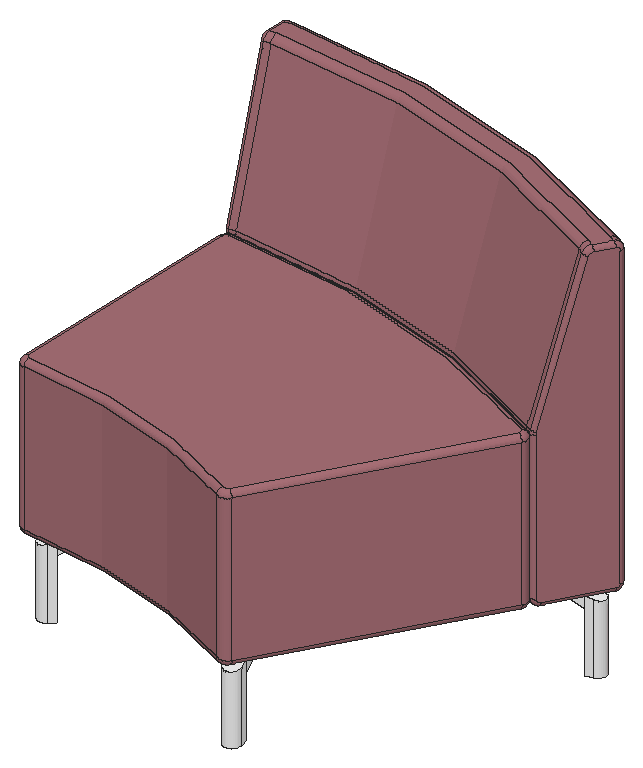
Revit family "Woodstock-Jefferson-JEFF-SI-1", category Furniture, Revit 2014
Parameters (values of type "JEFF-SI")
  Width = 32 3/4"
  URL = "www.woodstockmarketing.com"
  Type Comments = "JEFFERSON LOUNGE"  # constant formula
  Seat = WTK - Fabric - Burgundy
  Salvage or Reuse = yes
  Percentage of Recycled Content = 0
  Model = "JEFF-SI"
  Manufacturer = "WOODSTOCK MARKETING"  # constant formula
  Low Emitting Material = yes
  Low Emitting Finish = yes
  Legs = WTK - Steel, Chrome Plated
  Keynote = "12500"
  Height = 30"
  Depth = 26"
  Description = "Inside Curve"
  Back = WTK - Fabric - Burgundy
  Assembly Code = "E2020200"
Reference planes (in)
  plane 1 "Center Front/Back": y = 0
  plane 2: z = 0
  plane 3 "Center Left/Right": x = 0
  plane 4: z = 30
  plane 5: y = -13
  plane 6: y = -26
  plane 7: through (1.2573047, -24.638909, 48) normal (-0.7071, 0.7071, 0)
  plane 8: through (0.9475486, -24.4785783, 48) normal (0.7071, 0.7071, 0)
  plane 9: y = -5.9818665
  plane 10: through (1.2573047, -1.361091, 48) normal (0.7071, 0.7071, 0)
  plane 11: through (0.9475486, -1.5214217, 48) normal (-0.7071, 0.7071, 0)
  plane 12: through (31.1662323, -9.4316182, 48) normal (0.2419, -0.9703, 0)
  plane 13: through (31.3185548, -9.0664658, 48) normal (0.9703, 0.2419, 0)
  plane 14: through (19.6004513, -29.6211991, 48) normal (-0.9613, -0.2756, 0)
  plane 15: through (19.1954375, -29.9028444, 48) normal (-0.2756, 0.9613, 0)
  plane 16: z = 6
  plane 17: x = 32.75
Forms (in)
  Sweep 1, solid, material "WTK - Fabric - Burgundy" <- "Seat"
    path origin (0, 0, 0) x (1, 0, 0) y (0, 1, 0)
      loop
        line (0, -6.6940291) -> (0, -25.2916205)
        arc (0, -25.2916205) -> (0.2029669, -25.7890118) -> (0.6959769, -26.0024006) r 0.7109375
        arc (0.6959769, -26.0024006) -> (10.3474886, -27.3738209) -> (19.3956243, -31.0020039) r 40.6811685
        arc (19.3956243, -31.0020039) -> (19.9289709, -31.0632302) -> (20.3530668, -30.7340649) r 0.7109375
        line (20.3530668, -30.7340649) -> (29.6570663, -14.6190651)
        arc (29.6570663, -14.6190651) -> (29.7273685, -14.0769229) -> (29.3920455, -13.6451601) r 0.7109375
        arc (29.3920455, -13.6451601) -> (15.544855, -7.9778642) -> (0.7165055, -5.9821235) r 58.9051958
        arc (0.7165055, -5.9821235) -> (0.2101403, -6.1890069) -> (0, -6.6940291) r 0.7119203
    profile origin (0, -15.9928248, 0) x (1, 0, 0) y (0, 0, 1)
      loop
        arc (0.4337702, 18) -> (0.1270483, 17.8729517) -> (0, 17.5662298) r 0.4337702
        line (0, 17.5662298) -> (0, 6.4335937)
        arc (0, 6.4335937) -> (0.1269967, 6.1269967) -> (0.4335938, 6) r 0.4335938
        line (0.4335938, 6) -> (0.6, 6) -> (0.6, 18) -> (0.4337702, 18)
  Extrusion 2, solid, material "WTK - Fabric - Burgundy" <- "Seat"
    sketch origin (29.0413764, -14.2635963, 18) x (0.866025, -0.5, 0) y (0.5, 0.866025, 0)
      loop
        arc (-18.9674329, -23.8129892) -> (-9.7898775, -20.1212608) -> (0.0024557, -18.7189093) r 41.2811685
        arc (0.0024557, -18.7189093) -> (0.0793081, -18.6855705) -> (0.1109375, -18.6079989) r 0.1109375
        line (0.1109375, -18.6079989) -> (0.1109375, 0)
        arc (0.1109375, 0) -> (0.078139, 0.0787491) -> (-0.0008629, 0.1109341) r 0.1109375
        arc (-0.0008629, 0.1109341) -> (-14.6755175, -1.8841085) -> (-28.374147, -7.5120063) r 58.3051958
        arc (-28.374147, -7.5120063) -> (-28.4268251, -7.5799754) -> (-28.4157381, -7.6652507) r 0.1119203
        line (-28.4157381, -7.6652507) -> (-19.1169423, -23.7712373)
        arc (-19.1169423, -23.7712373) -> (-19.0507063, -23.8226179) -> (-18.9674329, -23.8129892) r 0.1109375
    from 0 to -12
  Sweep 3, solid, material "WTK - Fabric - Burgundy" <- "Back"
    path origin (0, 0, 0) x (1, 0, 0) y (0, 1, 0)
      loop
        line (0, 0) -> (0.8410804, 0)
        arc (0.8410804, 0) -> (17.0819755, -2.1381544) -> (32.2160804, -8.4069059) r 62.75
        line (32.2160804, -8.4069059) -> (32.9434065, -8.8268278)
    profile origin (0.4205402, 0, 0) x (0, 1, 0) y (0, 0, 1)
      loop
        arc (-0.0059034, 29.4121534) -> (-0.1780797, 29.8278237) -> (-0.59375, 30) r 0.5878466
        line (-0.59375, 30) -> (-2.0251437, 30)
        arc (-2.0251437, 30) -> (-2.4079381, 29.8723022) -> (-2.6373995, 29.5403598) r 0.6375925
        line (-2.6373995, 29.5403598) -> (-5.9507503, 18.1347392)
        arc (-5.9507503, 18.1347392) -> (-5.9798027, 17.9997851) -> (-5.9895517, 17.862084) r 0.9773687
        line (-5.9895517, 17.862084) -> (-5.9895517, 6.5889918)
        arc (-5.9895517, 6.5889918) -> (-5.81704, 6.1725117) -> (-5.4005598, 6) r 0.5889918
        line (-5.4005598, 6) -> (-0.5996534, 6)
        arc (-0.5996534, 6) -> (-0.1798087, 6.1739053) -> (-0.0059034, 6.59375) r 0.59375
        line (-0.0059034, 6.59375) -> (-0.0059034, 29.4121534)
  Sweep 4, void
    path in 3D
      loop
        arc (0, -5.4005598, 6) -> (0, -5.81704, 6.1725117) -> (0, -5.9895517, 6.5889918) r 0.5889918
        line (0, -5.9895517, 6.5889918) -> (0, -5.9895517, 17.862084)
        arc (0, -5.9895517, 17.862084) -> (0, -5.9798027, 17.9997851) -> (0, -5.9507503, 18.1347392) r 0.9773687
        line (0, -5.9507503, 18.1347392) -> (0, -2.6373995, 29.5403598)
        arc (0, -2.6373995, 29.5403598) -> (0, -2.4079381, 29.8723022) -> (0, -2.0251437, 30) r 0.6375925
        line (0, -2.0251437, 30) -> (0, -0.59375, 30)
        arc (0, -0.59375, 30) -> (0, -0.1780797, 29.8278237) -> (0, -0.0059034, 29.4121534) r 0.5878466
        line (0, -0.0059034, 29.4121534) -> (0, -0.0059034, 6.59375)
        arc (0, -0.0059034, 6.59375) -> (0, -0.1798087, 6.1739053) -> (0, -0.5996534, 6) r 0.59375
        line (0, -0.5996534, 6) -> (0, -5.4005598, 6)
    profile origin (0, -3.0001066, 6) x (-1, 0, 0) y (0, 0, -1)
      loop
        line (0, 0) -> (-0.3164062, 0)
        arc (-0.3164062, 0) -> (-0.0926732, -0.0926732) -> (0, -0.3164063) r 0.3164062
        line (0, -0.3164063) -> (0, 0)
  Sweep 5, void
    path in 3D
      loop
        arc (32.6435798, -9.3461429, 6) -> (32.8535021, -8.9825467, 6.1739053) -> (32.9404548, -8.8319403, 6.59375) r 0.59375
        line (32.9404548, -8.8319403, 6.59375) -> (32.9404548, -8.8319403, 29.4121534)
        arc (32.9404548, -8.8319403, 29.4121534) -> (32.8543666, -8.9810493, 29.8278237) -> (32.6465315, -9.3410304, 30) r 0.5878466
        line (32.6465315, -9.3410304, 30) -> (31.9308346, -10.5806537, 30)
        arc (31.9308346, -10.5806537, 30) -> (31.7394374, -10.9121634, 29.8723022) -> (31.6247067, -11.1108828, 29.5403598) r 0.6375925
        line (31.6247067, -11.1108828, 29.5403598) -> (29.9680313, -13.9803287, 18.1347392)
        arc (29.9680313, -13.9803287, 18.1347392) -> (29.9535051, -14.0054888, 17.9997851) -> (29.9486306, -14.0139317, 17.862084) r 0.9773687
        line (29.9486306, -14.0139317, 17.862084) -> (29.9486306, -14.0139317, 6.5889918)
        arc (29.9486306, -14.0139317, 6.5889918) -> (30.0348865, -13.8645322, 6.1725117) -> (30.2431265, -13.5038498, 6) r 0.5889918
        line (30.2431265, -13.5038498, 6) -> (32.6435798, -9.3461429, 6)
    profile origin (31.4433532, -11.4249963, 6) x (0.866025, -0.5, 0) y (0, 0, -1)
      loop
        line (0, 0) -> (-0.3213022, 0)
        arc (-0.3213022, 0) -> (-0.0941072, -0.0941072) -> (0, -0.3213022) r 0.3213022
        line (0, -0.3213022) -> (0, 0)
Cuts and joins
  joined: Sweep 1, Extrusion 2
  Sweep 4, Sweep 5 cuts Sweep 3
Lines and regions (in)
  symbolic lines, style "Chair"
    curve 1: line (0, -6.7326713, 0) -> (0, -25.2470264, 0)
    curve 2: line (29.6434112, -14.6597409, 0) -> (20.3676884, -30.7257641, 0)
    curve 3: arc (0.2505723, -5.9816755, 0) -> (15.3060456, -7.9093659, 0) -> (29.3641104, -13.6324844, 0) r 58.7069073
    curve 4: arc (0.7308113, -25.9967809, 0) -> (10.4216678, -27.3817303, 0) -> (19.531852, -30.9643731, 0) r 42.1584175
    curve 5: arc (20.3676884, -30.7257641, 0) -> (19.9980539, -31.0142044, 0) -> (19.531852, -30.9643731, 0) r 0.6248907
    curve 6: arc (0, -25.2470264, 0) -> (0.2129285, -25.7705283, 0) -> (0.7308113, -25.9967809, 0) r 0.75
    curve 7: arc (0, -6.7326713, 0) -> (0.2213427, -6.2006737, 0) -> (0.7547239, -5.9826862, 0) r 0.75
    curve 8: arc (29.3641104, -13.6324844, 0) -> (29.7176186, -14.0879668, 0) -> (29.6434112, -14.6597409, 0) r 0.75
    curve 29: arc (0.3177563, -0.0001176, 0) -> (17.1225096, -2.1452156, 0) -> (32.75, -8.6860662, 0) r 63.0679085
    curve 30: line (30.1330758, -13.7253394, 0) -> (32.75, -9.1926937, 0)
    curve 31: arc (32.75, -8.6860662, 0) -> (32.8367112, -8.93938, 0) -> (32.75, -9.1926937, 0) r 0.4133646
    curve 32: arc (30.1330758, -13.7253394, 0) -> (29.8812096, -13.901698, 0) -> (29.5842145, -13.8221184, 0) r 0.3637702
    curve 33: line (0, -0.3203473, 0) -> (0, -5.7316761, 0)
    curve 34: arc (0, -5.7316761, 0) -> (0.0734257, -5.908655, 0) -> (0.2505723, -5.9816755, 0) r 0.25
    curve 35: arc (0, -0.3203473, 0) -> (0.0929197, -0.0947835, 0) -> (0.3177563, -0.0001176, 0) r 0.3202393
  sketch lines
    curve 9: line (0, -0.5996534, 6) -> (0, -5.4005598, 6)
    curve 10: arc (0, -0.5996534, 6) -> (0, -0.1798087, 6.1739053) -> (0, -0.0059034, 6.59375) r 0.59375
    curve 11: line (0, -0.0059034, 29.4121534) -> (0, -0.0059034, 6.59375)
    curve 12: arc (0, -5.9895517, 6.5889918) -> (0, -5.81704, 6.1725117) -> (0, -5.4005598, 6) r 0.5889918
    curve 13: line (0, -5.9895517, 6.5889918) -> (0, -5.9895517, 17.862084)
    curve 14: line (0, -5.9507503, 18.1347392) -> (0, -2.6373995, 29.5403598)
    curve 15: arc (0, -5.9507503, 18.1347392) -> (0, -5.9798027, 17.9997851) -> (0, -5.9895517, 17.862084) r 0.9773687
    curve 16: arc (0, -2.0251437, 30) -> (0, -2.4079381, 29.8723022) -> (0, -2.6373995, 29.5403598) r 0.6375925
    curve 17: line (0, -2.0251437, 30) -> (0, -0.59375, 30)
    curve 18: arc (0, -0.0059034, 29.4121534) -> (0, -0.1780797, 29.8278237) -> (0, -0.59375, 30) r 0.5878466
    curve 19: line (30.2431265, -13.5038498, 6) -> (32.6435798, -9.3461429, 6)
    curve 20: arc (32.9404548, -8.8319403, 6.59375) -> (32.8535021, -8.9825467, 6.1739053) -> (32.6435798, -9.3461429, 6) r 0.59375
    curve 21: line (32.9404548, -8.8319403, 6.59375) -> (32.9404548, -8.8319403, 29.4121534)
    curve 22: arc (30.2431265, -13.5038498, 6) -> (30.0348865, -13.8645322, 6.1725117) -> (29.9486306, -14.0139317, 6.5889918) r 0.5889918
    curve 23: line (29.9486306, -14.0139317, 17.862084) -> (29.9486306, -14.0139317, 6.5889918)
    curve 24: arc (32.6465315, -9.3410304, 30) -> (32.8543666, -8.9810493, 29.8278237) -> (32.9404548, -8.8319403, 29.4121534) r 0.5878466
    curve 25: line (32.6465315, -9.3410304, 30) -> (31.9308346, -10.5806537, 30)
    curve 26: arc (31.6247067, -11.1108828, 29.5403598) -> (31.7394374, -10.9121634, 29.8723022) -> (31.9308346, -10.5806537, 30) r 0.6375925
    curve 27: line (31.6247067, -11.1108828, 29.5403598) -> (29.9680313, -13.9803287, 18.1347392)
    curve 28: arc (29.9486306, -14.0139317, 17.862084) -> (29.9535051, -14.0054888, 17.9997851) -> (29.9680313, -13.9803287, 18.1347392) r 0.9773687
Dimensions and locks (in)
  "Height": plane 4 to plane 2
  equal spacing: plane 6, plane 5, plane 1 "Center Front/Back"
  "Depth": plane 6 to plane 1 "Center Front/Back"
  plane 6 to plane 9 = 20.01813"
  locked: plane 16 to plane 2 at 6
  "Width": plane 3 "Center Left/Right" to plane 17
  aligned and locked: plane 2 to level
  aligned and locked: nested 1 to plane 7
  aligned and locked: nested 1 to plane 8
  aligned and locked: Sweep 1 sketch curve to plane 3 "Center Left/Right"
  aligned and locked: Extrusion 2 sketch curve to Sweep 1  (x6)
  aligned and locked: Extrusion 2 to nested 1
  aligned and locked: Sweep 1 to Extrusion 2
  aligned and locked: nested 2 to plane 10
  aligned and locked: nested 2 to plane 11
  aligned and locked: nested 4 to plane 15
  aligned and locked: plane 12 to nested 3
  aligned and locked: plane 13 to nested 3
  aligned and locked: plane 14 to nested 4
  aligned and locked: plane 4 to Sweep 3 sketch curve
  aligned and locked: cut or joined group of Sweep 1, Extrusion 2 to plane 16
Automatic sketch dimensions
  profile plane to Sweep 1 sketch curve = 0"
  Sweep 1 sketch curve to Sweep 1 sketch curve = 0.43377"
  Sweep 1 sketch curve to Sweep 1 sketch curve = 111/256"
  Sweep 1 sketch curve to Sweep 1 sketch curve = 0.16641"
  level to Sweep 1 sketch curve = 6"
  Sweep 1 sketch curve to Sweep 1 sketch curve = 11.13264"
  Sweep 1 sketch curve to plane 3 "Center Left/Right" = 0.1601"
  plane 3 "Center Left/Right" to Sweep 1 sketch curve = 0.33712"
  Sweep 1 sketch curve to Sweep 1 sketch curve = 91/128"
  Sweep 1 sketch curve to Sweep 1 sketch curve = 0.71192"
  Sweep 1 sketch curve to Sweep 1 sketch curve = 0.61569"  (x2)
  Sweep 1 sketch curve to plane 5 = 1.2636"
  Sweep 1 sketch curve to plane 5 = 1.61907"
  Sweep 1 sketch curve to plane 6 = 38.8861"
  Sweep 1 sketch curve to Sweep 1 sketch curve = 1.78846"
  Sweep 1 sketch curve to Sweep 1 sketch curve = 91/256"
  plane 6 to Sweep 1 sketch curve = 0.70838"
  plane 9 to Sweep 1 sketch curve = 0.71216"
  Sweep 1 sketch curve to Sweep 1 sketch curve = 0"  (x2)
  Extrusion 2 sketch curve to Extrusion 2 sketch curve = 0.09693"
  Extrusion 2 sketch curve to Extrusion 2 sketch curve = 0.09607"
  profile plane to Sweep 3 sketch curve = 5.98955"
  Sweep 3 sketch curve to Sweep 3 sketch curve = 0.0388"
  Sweep 3 sketch curve to Sweep 3 sketch curve = 0.58899"
  Sweep 3 sketch curve to Sweep 3 sketch curve = 0.97737"
  profile plane to Sweep 3 sketch curve = 2.6374"
  Sweep 3 sketch curve to Sweep 3 sketch curve = 0.61226"
  profile plane to Sweep 3 sketch curve = 0.59965"
  profile plane to Sweep 3 sketch curve = 19/32"
  profile plane to Sweep 3 sketch curve = 0.0059"
  Sweep 3 sketch curve to Sweep 3 sketch curve = 11.27309"
  Sweep 3 sketch curve to Sweep 3 sketch curve = 0.63759"
  Sweep 4 sketch curve to profile plane = 0"  (x2)
  profile plane to Sweep 4 sketch curve = 81/256"
  Sweep 1 sketch curve to plane 6 = 4.73406"
  Sweep 3 sketch curve to Sweep 3 sketch curve = 11.40562"
  plane 1 "Center Front/Back" to Sweep 3 sketch curve = 0"
  Sweep 3 sketch curve to plane 3 "Center Left/Right" = 0"
  plane 3 "Center Left/Right" to Sweep 3 sketch curve = 0.84108"
  plane 1 "Center Front/Back" to Sweep 3 sketch curve = 8.40691"
  Sweep 3 sketch curve to Sweep 3 sketch curve = 0.41992"
  plane 3 "Center Left/Right" to Sweep 3 sketch curve = 32.21608"
  Sweep 3 sketch curve to Sweep 3 sketch curve = 0.72733"
  Sweep 5 sketch curve to profile plane = 0"  (x2)
  Sweep 5 sketch curve to Sweep 5 sketch curve = 0.3213"
  Sweep 5 sketch curve to profile plane = 0.3213"
  Sweep 1 sketch curve to Sweep 1 sketch curve = 19.0414"
  Sweep 1 sketch curve to Sweep 1 sketch curve = 9.304"
  curve 1 to plane 3 "Center Left/Right" = 0"
  curve 35 to plane 3 "Center Left/Right" = 0"
  curve 31 to plane 17 = 0"  (x2)
  curve 4 to plane 3 "Center Left/Right" = 0.34781"
  curve 33 to curve 34 = 1/4"
  curve 33 to curve 35 = 0.32024"
  plane 3 "Center Left/Right" to curve 3 = 0.38495"
  curve 7 to curve 7 = 3/4"
  curve 6 to curve 6 = 3/4"
  plane 3 "Center Left/Right" to curve 29 = 0.80677"
  curve 5 to plane 6 = 4.41332"
  curve 5 to plane 17 = 12.92348"
  curve 2 to plane 6 = 4.72576"
  curve 5 to curve 2 = 0.54117"
  curve 8 to plane 5 = 1.28474"
  curve 8 to plane 17 = 3.75611"
  curve 8 to curve 2 = 0.64952"
  curve 32 to plane 5 = 0.54345"
  curve 8 to curve 32 = 0.82415"
  curve 30 to plane 5 = 0.72534"
  curve 32 to curve 30 = 0.31503"
  curve 31 to plane 17 = 0.32665"
  curve 29 to plane 6 = 37.06613"
  curve 3 to curve 29 = 1.6223"
  curve 4 to curve 3 = 3.45297"
  plane 6 to curve 1 = 0.75297"
  curve 2 to curve 8 = 3/8"
  plane 9 to curve 30 = 3.21083"
  curve 31 to curve 31 = 0.25331"
  plane 9 to curve 7 = 0.7508"
  curve 33 to plane 9 = 0.25019"
  plane 1 "Center Front/Back" to curve 33 = 0.32035"
  curve 4 to curve 6 = 0"
  plane 9 to curve 7 = 0.00082"
Nested families (in)
  nested 1: "Leg" at (1.182592, -24.7136217, 0.0239503) x (0.7071, 0.7071, 0) z (0, 0, 1), Leg <- "Legs", type "LG"
    with Leg WTK - Steel, Chrome Plated
  nested 2: "Leg" at (1.182592, -1.2863783, 0) x (0.7071, -0.7071, 0) z (0, 0, 1), Leg <- "Legs", type "LG"
    with Leg WTK - Steel, Chrome Plated
  nested 3: "Leg" at (31.3953543, -9.3744917, 0) x (-0.9703, -0.2419, 0) z (0, 0, 1), Leg <- "Legs", type "LG"
    with Leg WTK - Steel, Chrome Plated
  nested 4: "Leg" at (19.6443046, -29.7741338, 0) x (-0.2756, 0.9613, 0) z (0, 0, 1), Leg <- "Legs", type "LG"
    with Leg WTK - Steel, Chrome Plated
Definition of nested family "Leg"
  Parameters (values of type "LG")
    Leg [instance] = none
  Reference planes (in)
    plane 1 "Center (Front/Back)": y = 0
    plane 2: z = 0
    plane 3 "Center (Left/Right)": x = 0
  Forms (in)
    Extrusion 1, solid, material <- "Leg"
      sketch origin (0, 0, 0) x (1, 0, 0) y (0, 1, 0)
        loop
          line (0.6856281, 0.5818036) -> (0.1064432, 0.5559941)
          arc (0.1064432, 0.5559941) -> (-0.4925756, -0.0703125) -> (0.1064432, -0.6966191) r 0.6269281
          line (0.1064432, -0.6966191) -> (0.6856281, -0.7224286) -> (0.6856281, -0.5383847) -> (0.0920364, -0.5119323) -> (0.0920364, 0.3774039) -> (0.6856281, 0.4038554) -> (0.6856281, 0.5818036)
      from 0 to 5.4945129
    Extrusion 2, solid, material <- "Leg"
      sketch origin (0, 0, 0) x (1, 0, 0) y (0, 0, 1)
        loop
          line (2.5346778, 5.9485005) -> (0.0589161, 5.3304625) -> (0.0589161, 4.2693235) -> (2.6467156, 5.5838224) -> (4.2096624, 5.5838224) -> (4.2096624, 5.9760497) -> (2.7587799, 5.9760497)
          arc (2.7587799, 5.9760497) -> (2.6458854, 5.9691365) -> (2.5346778, 5.9485005) r 0.9252665
      from -0.7108773 to 0.8576442
    Extrusion 3, void
      sketch origin (0, 0, 0) x (1, 0, 0) y (0, 0, 1)
        loop
          line (0.8145151, 5.5190758) -> (-0.7850355, 5.5190758) -> (-0.7850355, 5.1197934) -> (0.8145151, 5.5190758)
      from -0.7108773 to 0.857649
    Extrusion 4, void
      sketch origin (0, 0, 0) x (1, 0, 0) y (0, 1, 0)
        loop
          line (2.6467156, 0.6509993) -> (4.212317, 0.7207612) -> (4.212317, 0.8266333) -> (-0.1574927, 0.8266333) -> (-0.1574927, 0.5260461) -> (2.6467156, 0.6509993)
      from 4.2107781 to 5.9760497
    Extrusion 5, void
      sketch origin (0, 0, 0) x (1, 0, 0) y (0, 1, 0)
        loop
          line (0, -0.6775599) -> (0, -1.0247562) -> (4.2055394, -1.0247562) -> (4.2055394, -0.8654567) -> (2.6450355, -0.7957359) -> (0, -0.6775599)
      from 4.2107781 to 5.9760497
  Cuts and joins
    Extrusion 3 cuts Extrusion 1
    Extrusion 3, Extrusion 4, Extrusion 5 cuts Extrusion 2
    joined: Extrusion 1, Extrusion 2
  Lines and regions (in)
    symbolic lines, style "FurnitureHiddenLines", detail levels fine
      curve 1: line (0.1179831, 0.5565083, 0) -> (4.2096624, 0.7388408, 0)
      curve 2: line (4.2096624, 0.7388408, 0) -> (4.2096624, -0.8576442, 0)
      curve 3: line (4.2096624, -0.8576442, 0) -> (0.1213123, -0.6972114, 0)
      curve 4: arc (0.1213123, -0.6972114, 0) -> (-0.481496, -0.0719479, 0) -> (0.1179831, 0.5565083, 0) r 0.6274122
      curve 5: line (2.6467156, 0.6691931, 0) -> (2.6467156, -0.7963119, 0)
      curve 6: line (0.0920364, 0.3774039, 0) -> (0.0920364, -0.5119323, 0)
      curve 7: line (0.0920364, -0.5119323, 0) -> (0.6856281, -0.5383847, 0)
      curve 8: line (0.6856281, -0.5383847, 0) -> (0.6856281, -0.719356, 0)
      curve 9: line (0.0920364, 0.3774039, 0) -> (0.6856281, 0.4038554, 0)
      curve 10: line (0.6856281, 0.4038554, 0) -> (0.6856281, 0.5818036, 0)
  Dimensions and locks (in)
    aligned and locked: plane 2 to level
